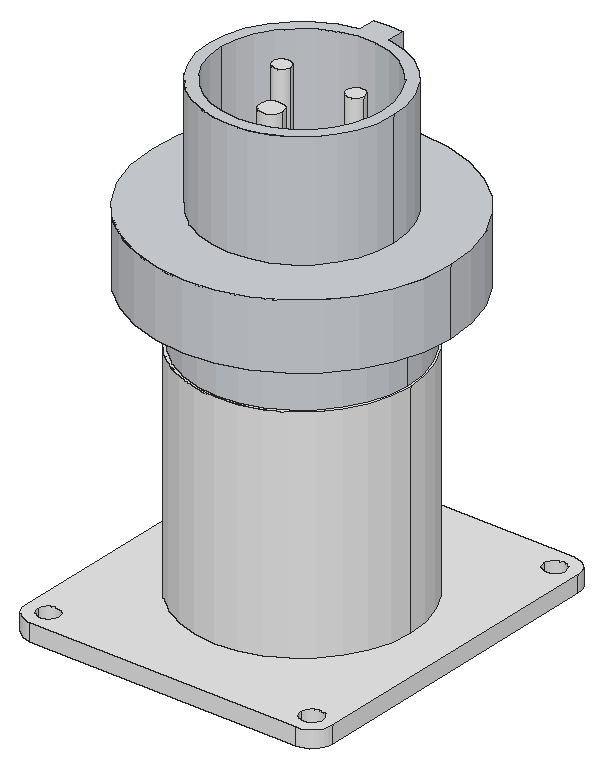
Revit family "Building-ConnessioniIEC309-GEWISS-IEC309HP-SPINE_FISSE_INC_DIRITTE_16A_IP67", category Apparecchi elettrici, host Superficie, Revit 2019
Family settings
  Host = Superficie
  Mantenere orientamento annotazione = Sì
  Quota connettore circolare = Usa diametro
  Tipo di parte = Normale
  Taglio con vuoti quando caricato = No
  Condiviso = Sì
  Punto di calcolo locali = Sì
Parameters (values of type "GW60233 - SPINA FISSA STAG.3P+N+T 16A 500V 7H")
  simbolo acceso [instance] = yes
  distanza_simbolo [instance] = 1 mm
  distanza dal piano [instance] = 10 mm
  W = 115 mm  # constant formula
  Versione file RFA = "21.11"
  URL = "https://www.gewiss.com/it/it"
  Tipologia = "Spina fissa da incasso diritta"
  Tipo Cablaggio = "A vite"
  Termopressione con biglia = "125 °C (Parti attive) - 80 °C (Parti passive)"
  Tensione nominale = "480-500V"
  Temperatura di utilizzo = "-25 +55 °C"
  Spostamento_effettivo_S [instance] = 4000 mm - Spostamento_S  # 3037.5 mm
  Spostamento_S = 962.5 mm
  Sovraccarico ammissibile = "22A"
  Scheda Tecnica = "https://www.gewiss.com/it/it/search?q=GW60233"
  SPinotto = Default(2)
  SEO = "Spina"
  Riferimento h = "7"
  Resistenza di isolamento = "- 10 M?"
  Resistenza agli urti = "IK08"
  Default Elevation = 1219.2 mm
  Produttore = "GEWISS S.p.A."
  Potere d'interruzione a 1,1 Un = "20A"
  Piastra = Default(2)
  N. poli = "3P+N+T"
  N. Manovre complessive = "-5000"
  Modello = "GW60233"
  L = 155 mm  # constant formula
  Immagine tipo = (empty or 0)
  IDT = "0cfa93548eea4873905119c0213666aa"
  IDF = "184f393c-caa4-4df6-8470-3c5397178391"
  Grado di protezione = "IP67"
  Glow wire test: = "850 °C (Parti attive) - 650 °C (Parti passive)"
  Frequenza = "50/60 Hz"
  FORMULA = 1000 mm * 1  # 1000 mm
  Dimensioni flangia (mm) = "85x75"
  Descrizione = "SPINA FISSA STAG.3P+N+T 16A 500V 7H"
  Creato da GEWISS S.p.A. = ""
  Corrente nominale (A) = "16"
  Corpo centrale = Default(2)
  Colore: = "Nero"
  Codice Electrocod = "2230"
  Catalogo = "BUILDING"
  CapacitÃ  serraggio morsetti = "1-2,5 mm² cavi flessibili - 1,5-4 mm² cavi rigidi"
  COBie.Tagnumber = ""
  COBie.CreatedOn = ""
  COBie.CreatebBy = ""
  COBie.ComponentRegisterItemID = ""
  COBie.Component.TagNumber = ""
  COBie.Component.Space = ""
  COBie.Component.SerialNumber = ""
  COBie.Component.InstallationDate = ""
  COBie.Component.Description = ""
  COBie.Component.BarCode = ""
  BLOCCO = "B=C"
Types (11, lengths in mm): name | Tensione nominale | Scheda Tecnica | Riferimento h | N. poli | Modello | IDT | Descrizione | Colore:
  GW60223 - SPINA FISSA STAG.2P+T 16A 110V 4H | "100-130V" | "https://www.gewiss.com/it/it/search?q=GW60223" | "4" | "2P+T" | "GW60223" | "e8f69ed44202470e972f05d82cbebd8d" | "SPINA FISSA STAG.2P+T 16A 110V 4H" | "Giallo"
  GW60224 - SPINA FISSA STAG.3P+T 16A 110V 4H | "100-130V" | "https://www.gewiss.com/it/it/search?q=GW60224" | "4" | "3P+T" | "GW60224" | "2bda2fbee077411b9379c127a69b4038" | "SPINA FISSA STAG.3P+T 16A 110V 4H" | "Giallo"
  GW60225 - SPINA FISSA STAG.3P+N+T 16A 110V 4H | "100-130V" | "https://www.gewiss.com/it/it/search?q=GW60225" | "4" | "3P+N+T" | "GW60225" | "1f8fdaaf8c794f11aad271d6d2fe273b" | "SPINA FISSA STAG.3P+N+T 16A 110V 4H" | "Giallo"
  GW60226 - SPINA FISSA STAG.2P+T 16A 230V 6H | "200-250V" | "https://www.gewiss.com/it/it/search?q=GW60226" | "6" | "2P+T" | "GW60226" | "98a952fc694448c3a1ac3df4136432a5" | "SPINA FISSA STAG.2P+T 16A 230V 6H" | "Blu"
  GW60227 - SPINA FISSA STAG.3P+T 16A 230V 9H | "200-250V" | "https://www.gewiss.com/it/it/search?q=GW60227" | "9" | "3P+T" | "GW60227" | "70ae3698095f44e092d1db17e541740a" | "SPINA FISSA STAG.3P+T 16A 230V 9H" | "Blu"
  GW60228 - SPINA FISSA STAG.3P+N+T 16A 230V 9H | "200-250V" | "https://www.gewiss.com/it/it/search?q=GW60228" | "9" | "3P+N+T" | "GW60228" | "0b1c7b6866c44c62965e14c6ea4ab41a" | "SPINA FISSA STAG.3P+N+T 16A 230V 9H" | "Blu"
  GW60229 - SPINA FISSA STAG.2P+T 16A 400V 9H | "380-415V" | "https://www.gewiss.com/it/it/search?q=GW60229" | "9" | "2P+T" | "GW60229" | "f54093b3afc64954a35d3c90362d82f1" | "SPINA FISSA STAG.2P+T 16A 400V 9H" | "Rosso"
  GW60230 - SPINA FISSA STAG.3P+T 16A 400V 6H | "380-415V" | "https://www.gewiss.com/it/it/search?q=GW60230" | "6" | "3P+T" | "GW60230" | "796aa8cc2d6246d5802f8df8a17ee31b" | "SPINA FISSA STAG.3P+T 16A 400V 6H" | "Rosso"
  GW60231 - SPINA FISSA STAG.3P+N+T 16A 400V 6H | "380-415V" | "https://www.gewiss.com/it/it/search?q=GW60231" | "6" | "3P+N+T" | "GW60231" | "7ae55065b4ac435abc8c2399e135823c" | "SPINA FISSA STAG.3P+N+T 16A 400V 6H" | "Rosso"
  GW60232 - SPINA FISSA STAG.3P+T 16A 500V 7H | "480-500V" | "https://www.gewiss.com/it/it/search?q=GW60232" | "7" | "3P+T" | "GW60232" | "1085b8c1ab6843f5a9ba420450fd7a4f" | "SPINA FISSA STAG.3P+T 16A 500V 7H" | "Nero"
  GW60233 - SPINA FISSA STAG.3P+N+T 16A 500V 7H | "480-500V" | "https://www.gewiss.com/it/it/search?q=GW60233" | "7" | "3P+N+T" | "GW60233" | "0cfa93548eea4873905119c0213666aa" | "SPINA FISSA STAG.3P+N+T 16A 500V 7H" | "Nero"
Reference planes
  plane 1 "Centro (Fronte/Retro)": y = 0
  plane 2: z = 0
  plane 3 "Centro (Sinistra/Destra)": x = 0
  plane 4: x = -3000
  plane 5: x = 37.5
  plane 6: z = 10
Dimensions and locks
  plane 4 to plane 3 "Centro (Sinistra/Destra)" = 3000 mm
  "Spostamento_effettivo_S": plane 4 to plane 5
  "distanza dal piano": plane 6 to plane 2
  aligned and locked: plane 2 to host face
  aligned and locked: level to host face
  aligned and locked: plane 3 "Centro (Sinistra/Destra)" to nested 1
  aligned and locked: plane 1 "Centro (Fronte/Retro)" to nested 1
  aligned and locked: nested 2 to plane 5
  aligned and locked: nested 1 to host face
Automatic sketch dimensions
  host sketch curve to host sketch curve = 2438.4 mm  (x2)
Nested families
  nested 1: "IEC309 SPINE FISSE INCASSO DIRITTE 16A IP67_base" at (0, 0, 0), type "IEC309 SPINE FISSE INCASSO DIRITTE 16A IP67_base"
  nested 2: "simbolo_circuito_GW60201" at (37.5, 171.559, 0), visible <- "simbolo acceso", Distanza dal muro <- "distanza_simbolo", type "3P"
    with SIMBOLO ACCESO yes, Distanza dal muro 1 mm
Connectors
  electrical at (37.5, 42.5, 0)
    settings: on nested 1, index 1, voltage 0 V, apparent load 0 VA, apparent load phase1 0 VA, apparent load phase2 0 VA, apparent load phase3 0 VA, power factor 1, load classification "Altro", number of poles 1, system type 31, power factor state 1, is connector primary yes, connector utility no, sub classification motor no, connector description ""
Definition of nested family "IEC309 SPINE FISSE INCASSO DIRITTE 16A IP67_base"
  Parameters (values of type "IEC309 SPINE FISSE INCASSO DIRITTE 16A IP67_base")
    h = 85 mm
    dis_base = 58 mm
    Spinotto = none
    PIASTRA = none
    Lunghezza totale = 116 mm
    CENTRALE = none
    Bsae = 75 mm
  Reference planes
    plane 1 "Centro (Fronte/Retro)": y = 0
    plane 2: z = 0
    plane 3 "Centro (Sinistra/Destra)": x = 0
    plane 4 "EEE": through (4267.2, -291.041, 143.375) normal (0, -0.788, -0.6157)
    plane 5: x = 48
    plane 6: x = 75
    plane 7: y = 85
    plane 8: z = 4
    plane 9: y = 79.607
    plane 10: x = 69.724
    plane 11: x = 5.276
    plane 12: y = 5.392
    plane 13: y = 33.178
    plane 14: x = 37.5
    plane 15: y = 47.668
    plane 16: x = 28.5
    plane 17: x = 46.5
    plane 18: y = 42.5
    plane 19: z = 58
    plane 20: z = 72
    plane 21: z = 88
    plane 22: z = 116
    plane 23: z = 113.786
  Forms (mm)
    Extrusion 1, solid, material <- "PIASTRA"
      sketch origin (0, 0, 0) x (1, 0, 0) y (0, 1, 0)
        loop
          arc (5, 85) -> (1.464, 83.536) -> (0, 80) r 5
          line (0, 80) -> (0, 5)
          arc (0, 5) -> (1.464, 1.464) -> (5, 0) r 5
          line (5, 0) -> (70, 0)
          arc (70, 0) -> (73.536, 1.464) -> (75, 5) r 5
          line (75, 5) -> (75, 80)
          arc (75, 80) -> (73.536, 83.536) -> (70, 85) r 5
          line (70, 85) -> (5, 85)
      from 0 to 4
    Extrusion 2, void
      sketch origin (0, 0, 0) x (1, 0, 0) y (0, 1, 0)
        loop
          circle (5.276, 79.607) r 2.665
        loop
          circle (69.724, 79.607) r 2.602
        loop
          circle (69.724, 5.392) r 2.692
        loop
          circle (5.276, 5.392) r 2.603
      from 0 to 4
    Extrusion 3, solid, material <- "CENTRALE"
      sketch origin (0, 0, 0) x (1, 0, 0) y (0, 1, 0)
        loop
          circle (37.5, 42.5) r 26.675
      from 4 to 58
    Extrusion 4, solid
      sketch origin (0, 0, 0) x (1, 0, 0) y (0, 1, 0)
        loop
          circle (37.5, 42.5) r 26
      from 58 to 72
    Extrusion 5, solid
      sketch origin (0, 0, 0) x (1, 0, 0) y (0, 1, 0)
        loop
          circle (37.5, 42.5) r 36.5
      from 72 to 88
    Extrusion 6, solid
      sketch origin (0, 0, 0) x (1, 0, 0) y (0, 1, 0)
        loop
          circle (37.5, 42.5) r 22.572
        loop
          circle (37.5, 42.5) r 19.816
      from 88 to 116
    Extrusion 7, solid, material <- "Spinotto"
      sketch origin (0, 0, 0) x (1, 0, 0) y (0, 1, 0)
        loop
          circle (28.5, 47.668) r 2.069
        loop
          circle (46.5, 47.668) r 2.139
        loop
          circle (37.5, 33.178) r 2.694
      from 88 to 113.786
    Extrusion 8, solid
      sketch origin (0, 0, 0) x (1, 0, 0) y (0, 1, 0)
        loop
          line (41.032, 64.794) -> (41.032, 68.927)
          arc (41.032, 68.927) -> (37.451, 69.174) -> (33.871, 68.927) r 26.002
          line (33.871, 68.927) -> (33.871, 64.778)
          arc (33.871, 64.778) -> (37.451, 65.072) -> (41.032, 64.794) r 22.572
      from 88 to 116
  Cuts and joins
    Extrusion 2 cuts Extrusion 1
    joined: Extrusion 5, Extrusion 6, Extrusion 8
  Lines and regions (mm)
    symbolic lines
      curve 1: line (265.256, 345.85, 0) -> (277.43, 345.85, 0)
  Dimensions and locks
    "Bsae": plane 3 "Centro (Sinistra/Destra)" to plane 6
    "h": plane 1 "Centro (Fronte/Retro)" to plane 7
    locked: plane 8 to level at 4
    locked: plane 3 "Centro (Sinistra/Destra)" to plane 11 at 5.276
    locked: plane 10 to plane 6 at 5.276
    locked: plane 1 "Centro (Fronte/Retro)" to plane 12 at 5.392
    locked: plane 20 to plane 19 at 14
    locked: plane 21 to plane 20 at 16
    "Lunghezza totale": plane 22 to level
    locked: plane 22 to plane 23 at 2.214
    "dis_base": plane 19 to level
    equal spacing: plane 3 "Centro (Sinistra/Destra)", plane 14, plane 6
    locked: plane 16 to plane 14 at 9
    locked: plane 14 to plane 17 at 9
    locked: plane 15 to plane 18 at 5.168
    locked: plane 18 to plane 13 at 9.322
    locked: plane 7 to plane 9 at 5.393
    equal spacing: plane 1 "Centro (Fronte/Retro)", plane 18, plane 7
    radius of Extrusion 1 sketch curve = 5 mm  (x4)
    aligned and locked: level to plane 2
    aligned and locked: Extrusion 1 to level
    aligned and locked: plane 8 to Extrusion 1
    aligned and locked: Extrusion 2 to level
    aligned and locked: plane 8 to Extrusion 2
    aligned and locked: plane 14 to Extrusion 3 sketch curve
    aligned and locked: plane 18 to Extrusion 3 sketch curve
    aligned and locked: Extrusion 3 to plane 8
    aligned and locked: plane 19 to Extrusion 3
    aligned and locked: Extrusion 4 to plane 19
    aligned and locked: plane 20 to Extrusion 4
    aligned and locked: plane 14 to Extrusion 4 sketch curve
    aligned and locked: plane 18 to Extrusion 4 sketch curve
    aligned and locked: plane 18 to Extrusion 5 sketch curve
    aligned and locked: plane 14 to Extrusion 5 sketch curve
    aligned and locked: Extrusion 5 to plane 20
    aligned and locked: Extrusion 5 to plane 21
    aligned and locked: plane 18 to Extrusion 6 sketch curve  (x2)
    aligned and locked: plane 14 to Extrusion 6 sketch curve  (x2)
    aligned and locked: plane 21 to Extrusion 6
    aligned and locked: plane 22 to Extrusion 6
    aligned and locked: plane 15 to Extrusion 7 sketch curve  (x2)
    aligned and locked: plane 14 to Extrusion 7 sketch curve
    aligned and locked: plane 16 to Extrusion 7 sketch curve
    aligned and locked: plane 17 to Extrusion 7 sketch curve
    aligned and locked: plane 21 to Extrusion 7
    aligned and locked: plane 23 to Extrusion 7
    aligned and locked: plane 21 to cut or joined group of Extrusion 5, Extrusion 6, Extrusion 8
    aligned and locked: plane 22 to cut or joined group of Extrusion 5, Extrusion 6, Extrusion 8
  Automatic sketch dimensions
    Extrusion 1 sketch curve to plane 3 "Centro (Sinistra/Destra)" = 0 mm
    Extrusion 1 sketch curve to plane 7 = 0 mm
    plane 1 "Centro (Fronte/Retro)" to Extrusion 1 sketch curve = 0 mm
    Extrusion 1 sketch curve to plane 6 = 0 mm
    Extrusion 2 sketch curve to plane 11 = 0 mm  (x2)
    Extrusion 2 sketch curve to plane 9 = 0 mm  (x2)
    Extrusion 2 sketch curve to plane 10 = 0 mm  (x2)
    Extrusion 2 sketch curve to plane 12 = 0 mm  (x2)
    Extrusion 7 sketch curve to plane 13 = 0 mm
    curve 1 to plane 6 = 190.256 mm
    plane 7 to curve 1 = 260.85 mm
    curve 1 to curve 1 = 12.174 mm
    Extrusion 8 sketch curve to plane 14 = 3.629 mm
    Extrusion 8 sketch curve to plane 14 = 0.049 mm
    plane 18 to Extrusion 8 sketch curve = 0.673 mm
    plane 14 to Extrusion 8 sketch curve = 3.532 mm
    Extrusion 8 sketch curve to Extrusion 8 sketch curve = 4.133 mm
    Extrusion 8 sketch curve to plane 14 = 0 mm
    Extrusion 8 sketch curve to plane 18 = 0 mm
    Extrusion 8 sketch curve to Extrusion 8 sketch curve = 0.016 mm
    radius of Extrusion 2 sketch curve = 2.665 mm
    radius of Extrusion 2 sketch curve = 2.602 mm
    radius of Extrusion 2 sketch curve = 2.692 mm
    radius of Extrusion 2 sketch curve = 2.603 mm
    radius of Extrusion 3 sketch curve = 26.675 mm
    radius of Extrusion 4 sketch curve = 26 mm
    radius of Extrusion 5 sketch curve = 36.5 mm
    radius of Extrusion 6 sketch curve = 22.572 mm
    radius of Extrusion 6 sketch curve = 19.816 mm
    radius of Extrusion 7 sketch curve = 2.069 mm
    radius of Extrusion 7 sketch curve = 2.139 mm
    radius of Extrusion 7 sketch curve = 2.694 mm
Definition of nested family "simbolo_circuito_GW60201"
  Parameters (values of type "3P")
    SIMBOLO ACCESO [instance] = yes
    Distanza dal muro [instance] = 0 mm
  Reference planes
    plane 1: y = 0
    plane 2: x = 0
  Dimensions and locks
    "Distanza dal muro": plane 1 to nested 1
    aligned and locked: plane 2 to nested 1
  Nested families
    nested 1: "simbolo_circuito_GW60201_base" at (0, 0, 0), visible <- "SIMBOLO ACCESO", type "3P"
      with CORNICE SIMBOLO yes
  Definition of nested family "simbolo_circuito_GW60201_base"
    Parameters (values of type "3P")
      CORNICE SIMBOLO [instance] = yes
      3P = yes
    Types (2, lengths in mm): name | 3P
      3P | yes
      2P | no
    Reference planes
      plane 1: y = 0
      plane 2: x = 0
    Lines and regions (mm)
      detail lines
        curve 1: arc (0.298, 0.46, 0) -> (0, 0.758, 0) -> (-0.298, 0.46, 0) r 0.298
        curve 2: arc (0.139, 0.652, 0) -> (0, 0.731, 0) -> (-0.139, 0.652, 0) r 0.163
        curve 3: arc (-0.139, 0.106, 0) -> (0, 0.027, 0) -> (0.139, 0.106, 0) r 0.163
        curve 4: circle (0, 2.381, 0) r 0.05 normal (0, 0, 1)
        curve 5: line (0, 3.386, 0) -> (0, 0.758, 0)
        curve 6: line (-0.139, 0.652, 0) -> (-0.139, 0.106, 0)
        curve 7: line (0.139, 0.652, 0) -> (0.139, 0.106, 0)
      detail lines, not visible
        curve 8: arc (2.679, 0.46, 0) -> (2.381, 0.758, 0) -> (2.083, 0.46, 0) r 0.298
        curve 9: arc (2.52, 0.652, 0) -> (2.381, 0.731, 0) -> (2.241, 0.652, 0) r 0.163
        curve 10: arc (2.241, 0.106, 0) -> (2.381, 0.027, 0) -> (2.52, 0.106, 0) r 0.163
        curve 11: circle (2.381, 2.381, 0) r 0.05 normal (0, 0, 1)
        curve 12: line (2.381, 3.386, 0) -> (2.381, 0.758, 0)
        curve 13: line (2.241, 0.652, 0) -> (2.241, 0.106, 0)
        curve 14: line (2.52, 0.652, 0) -> (2.52, 0.106, 0)
